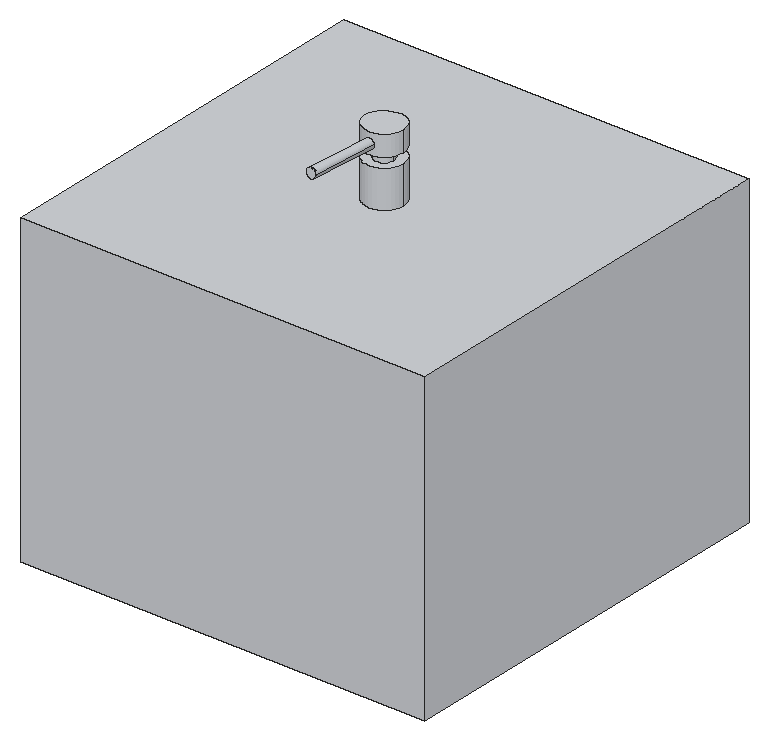
Revit family "AX9436_0005", category Appareils sanitaires, Revit 2016
Family settings
  Hôte = Face
  Type d'élément = Normal
  Cote de connecteur circulaire = Utiliser le diamètre
  Couper avec des vides une fois chargée = Non
  Partagée = Non
  Point de calcul de pièce = Non
Parameters
  URL = "https://www.axeuro.com/fr/distributeurs-de-savon-encastres-sur-plan/24813-distributeur-de-savon-encastre-sur-plan-ax9436p-3700926006854.html"
  Modèle = "AX9436, AX9436P"  # constant formula
  Fabricant = "Axeuro"  # constant formula
  Default Elevation = 1219.2 mm
  Description = "Distributeur de savon encastré sur plan / Recessed soap dispenser"  # constant formula
Reference planes
  plane 1 "Centre (avant/arrière)": y = 0
  plane 2: z = 0
  plane 3 "Centre (gauche/droite)": x = 0
Forms (mm)
  Extrusion 1, solid
    sketch origin (0, 0, 0) x (1, 0, 0) y (0, 1, 0)
      loop
        line (-200, 200) -> (-200, -200) -> (200, -200) -> (200, 200) -> (-200, 200)
    from 0 to -304.8
  Extrusion 2, solid
    sketch origin (0, 0, -182.853) x (-1, 0, 0) y (0, -1, 0)
      loop
        circle (0, 0) r 9.48
    from 219.812 to 230.133
  Extrusion 3, solid
    sketch origin (0, 0, -182.853) x (-1, 0, 0) y (0, -1, 0)
      loop
        circle (0, 0) r 18.85
    from 230.133 to 250
  Extrusion 4, solid
    sketch origin (0, 0, -214.042) x (-1, 0, 0) y (0, -1, 0)
      loop
        circle (0, 0) r 18.85
    from 214.042 to 251
  Extrusion 5, solid
    sketch origin (0, 0, -183.853) x (1, 0, 0) y (0, 1, 0)
      loop
        circle (0, 0) r 10.3
    from 69.778 to 183.853
  Extrusion 6, solid
    sketch origin (0, -14.933, -182.112) x (-1, 0, 0) y (0, 0.069756, 0.997564)
      loop
        circle (0, 238.185) r 4.71
    from -91.856 to -17.095
Cuts and joins
  joined: Extrusion 3, Extrusion 6
Dimensions and locks
  aligned and locked: plane 2 to Extrusion 1
  aligned and locked: level to Extrusion 1
